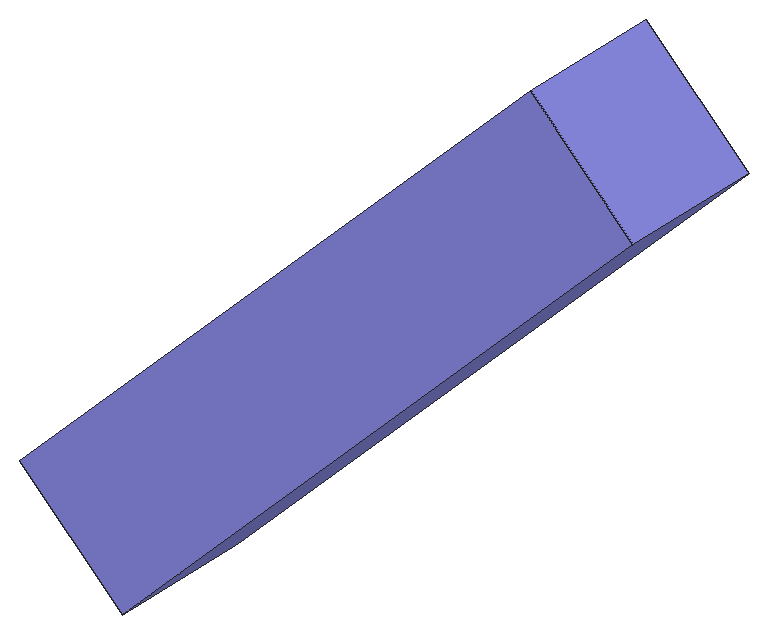
Revit family "配管サポート_角形鋼管(正方形) 1", category Generic Models, Revit 2020
Family settings
  Can host rebar = No
  Round Connector Dimension = Use Diameter
  Part Type = Normal
  Work Plane-Based = Yes
  Always vertical = No
  Cut with Voids When Loaded = No
  Shared = No
  Room Calculation Point = No
Parameters (values of type "100 x 100")
  高さ = 100 mm
  長辺 [instance] = 長さ  # 500 mm
  長さ [instance] = 500 mm
  部屋名 = ""
  角度 [instance] = 45.00°
  Default Elevation = 1219.2 mm
  構造マテリアル = E102_配管サポート
  幅 = 100 mm
Types (14, lengths in mm): name | 高さ | 幅
  100 x 100 | 100 | 100
  125 x 125 | 125 | 125
  150 x 150 | 150 | 150
  175 x 175 | 175 | 175
  200 x 200 | 200 | 200
  250 x 250 | 250 | 250
  300 x 300 | 300 | 300
  350 x 350 | 350 | 350
  40 x 40 | 40 | 40
  50 x 50 | 50 | 50
  60 x 60 | 60 | 60
  75 x 75 | 75 | 75
  80 x 80 | 80 | 80
  90 x 90 | 90 | 90
Reference planes
  plane 1 "中心(正面/背面)": y = 0
  plane 2: z = 0
  plane 3 "中心(左/右)": x = 0
Lines and regions (mm)
  reference lines
    curve 1: line (0, 0, 0) -> (806.102, 0, 806.102)
    curve 2: line (35.355, 0, -35.355) -> (-35.355, 0, 35.355)
    curve 3: line (388.909, 0, 318.198) -> (318.198, 0, 388.909)
Dimensions and locks
  equal spacing: curve 2, curve 1, curve 2
  "高さ": curve 2 to curve 2
  equal spacing: curve 3, curve 1, curve 3
  "高さ": curve 3 to curve 3
  "長さ": curve 2 to curve 3
  "角度": angle level to curve 1
  angle curve 2 to curve 1 = 90.00°
  angle curve 3 to curve 1 = 90.00°
  aligned and locked: level to plane 2
  aligned and locked: level to curve 1
  aligned and locked: plane 3 "中心(左/右)" to curve 1
  aligned and locked: curve 1 to nested 1
Nested families
  nested 1: "グレーチング_角形鋼管(正方形)" at (-35.355, 0, 35.355) x (0, 1, 0) z (0.7071, 0, -0.7071), 長さ <- "長さ", type "350 x 350"
    with 長辺 500 mm, 長さ 500 mm, 高さ 100 mm, 幅 100 mm
Definition of nested family "グレーチング_角形鋼管(正方形)"
  Parameters (values of type "350 x 350")
    高さ = 350 mm
    長辺 [instance] = 長さ  # 1000 mm
    長さ [instance] = 1000 mm
    部屋名 = ""
    Default Elevation = 1219.2 mm
    構造マテリアル = none
    幅 = 350 mm
  Reference planes
    plane 1 "中心(正面/背面)": y = 0
    plane 2: z = 0
    plane 3 "中心(左/右)": x = 0
    plane 4: z = 175
    plane 5: z = 350
  Forms (mm)
    Extrusion 1, solid, material <- "構造マテリアル"
      sketch origin (0, 0, 0) x (1, 0, 0) y (0, 1, 0)
        loop
          line (-175, 1000) -> (-175, 0) -> (175, 0) -> (175, 1000) -> (-175, 1000)
      from 0 to 350
  Lines and regions (mm)
    reference lines
      curve 1: line (175, 1000, 0) -> (-175, 1000, 0)
      curve 2: line (175, 0, 0) -> (-175, 0, 0)
  Dimensions and locks
    "長さ": curve 1 to curve 2
    "幅": Extrusion 1 to Extrusion 1
    equal spacing: Extrusion 1, plane 3 "中心(左/右)", Extrusion 1
    "幅": curve 1 to curve 1
    equal spacing: curve 1, plane 3 "中心(左/右)", curve 1
    "幅": curve 2 to curve 2
    equal spacing: curve 2, plane 3 "中心(左/右)", curve 2
    equal spacing: plane 5, plane 4, level
    "高さ": plane 5 to level
    aligned and locked: level to plane 2
    aligned and locked: Extrusion 1 to curve 2
    aligned and locked: curve 1 to Extrusion 1
    aligned and locked: plane 5 to Extrusion 1
  Automatic sketch dimensions
    Extrusion 1 sketch curve to plane 3 "中心(左/右)" = 175 mm
    plane 3 "中心(左/右)" to Extrusion 1 sketch curve = 175 mm
    plane 1 "中心(正面/背面)" to Extrusion 1 sketch curve = 0 mm
    Extrusion 1 sketch curve to plane 1 "中心(正面/背面)" = 1000 mm
    plane 1 "中心(正面/背面)" to curve 2 = 0 mm
